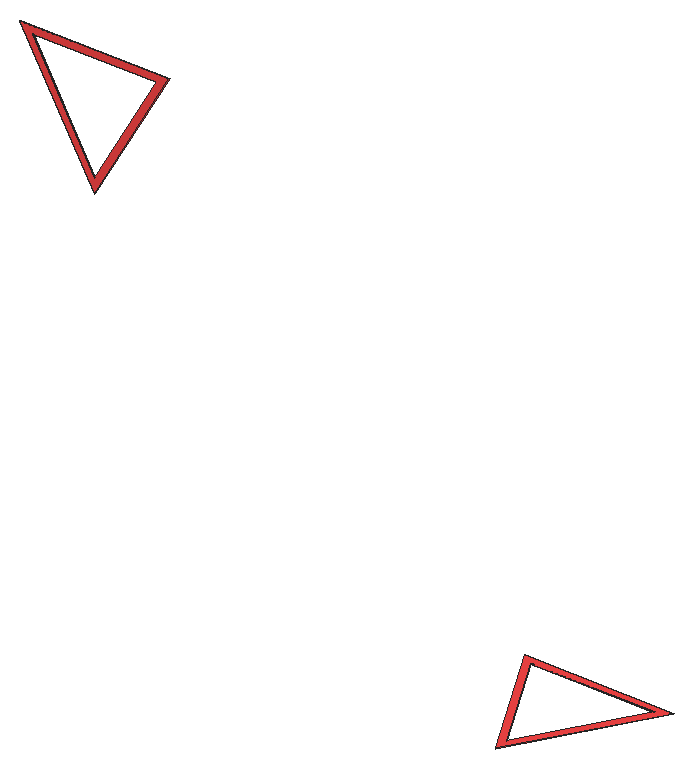
Revit family "FRW_Shared", category Generic Models, Revit 2026
Family settings
  Can host rebar = No
  Round Connector Dimension = Use Diameter
  Part Type = Normal
  Work Plane-Based = Yes
  Always vertical = Yes
  Cut with Voids When Loaded = No
  Maintain Annotation Orientation = No
  Shared = Yes
  Room Calculation Point = No
Parameters (values of type "FRW_Main")
  symbol_H [instance] = 1500 mm
  notes = "this is a shared family for all plot 9"
  H symbol offset [instance] = 700 mm
  Default Elevation = 1219.2 mm
Reference planes
  plane 1 "Center (Front/Back)": y = 0
  plane 2: z = 0
  plane 3 "Center (Left/Right)": x = 0
  plane 4: z = 1500
  plane 5: y = 700
Forms (mm)
  Extrusion 1, solid, not visible
    sketch origin (349.558, -482.168, 0) x (1, 0, 0) y (0, 1, 0)
      loop
        line (-392.058, 524.668) -> (-392.058, 439.668) -> (-307.058, 439.668) -> (-307.058, 524.668) -> (-392.058, 524.668)
    from 0 to 4500
Dimensions and locks
  "H symbol offset": plane 1 "Center (Front/Back)" to plane 5
  "symbol_H": plane 2 to plane 4
  plane 2 to nested 5 = 500 mm
  aligned and locked: plane 2 to level
  aligned and locked: plane 3 "Center (Left/Right)" to nested 1
  aligned and locked: plane 3 "Center (Left/Right)" to nested 2
  aligned and locked: plane 3 "Center (Left/Right)" to nested 3
  aligned and locked: nested 3 to plane 4
  aligned and locked: nested 4 to plane 4
  aligned and locked: plane 3 "Center (Left/Right)" to nested 4
  aligned and locked: plane 3 "Center (Left/Right)" to nested 5
  aligned and locked: nested 5 to plane 5
  aligned and locked: nested 6 to plane 5
  aligned and locked: plane 3 "Center (Left/Right)" to nested 6
Automatic sketch dimensions
  Extrusion 1 sketch curve to plane 3 "Center (Left/Right)" = 42.5 mm
  plane 3 "Center (Left/Right)" to Extrusion 1 sketch curve = 42.5 mm
  plane 1 "Center (Front/Back)" to Extrusion 1 sketch curve = 42.5 mm
  Extrusion 1 sketch curve to plane 1 "Center (Front/Back)" = 42.5 mm
Nested families
  nested 1: "FRW_Symbol_COARSE" at (0, 1037.113, 0), type "DD", not visible, detail levels medium
  nested 2: "FRW_Symbol_FINE" at (0, 901.794, 0), type "DD", not visible, detail levels fine
  nested 3: "FRW_SHAPE COARSE_V" at (0, 0, 1500) x (1, 0, 0) z (0, -1, 0), type "DD", detail levels coarse+medium
  nested 4: "FRW_SHAPE FINE_V" at (0, 0, 1500) x (1, 0, 0) z (0, -1, 0), type "DD", detail levels fine
  nested 5: "FRW_SHAPE COARSE_H" at (0, 700, 500), type "DD", detail levels coarse+medium
  nested 6: "FRW_SHAPE FINE_H" at (0, 700, 500), type "DD", detail levels fine
Definition of nested family "FRW_SHAPE COARSE_V"
  Parameters (values of type "DD")
    Default Elevation = 1219.2 mm
  Reference planes
    plane 1 "Center (Front/Back)": y = 0
    plane 2: z = 0
    plane 3 "Center (Left/Right)": x = 0
  Forms (mm)
    Extrusion 1, solid
      sketch origin (0, 520, 0) x (1, 0, 0) y (0, 1, 0)
        loop
          line (259, -71.399) -> (-259, -71.399) -> (0, -520) -> (259, -71.399)
        loop
          line (181.058, -116.399) -> (-181.058, -116.399) -> (0, -430) -> (181.058, -116.399)
      from -1 to 0
  Dimensions and locks
    aligned and locked: plane 2 to level
Definition of nested family "FRW_SHAPE FINE_V"
  Parameters (values of type "DD")
    Default Elevation = 1219.2 mm
  Reference planes
    plane 1 "Center (Front/Back)": y = 0
    plane 2: z = 0
    plane 3 "Center (Left/Right)": x = 0
  Forms (mm)
    Extrusion 1, solid
      sketch origin (0, 0, 0) x (1, 0, 0) y (0, 1, 0)
        loop
          line (0, 0) -> (104, 180.133) -> (-104, 180.133) -> (0, 0)
        loop
          line (-86.679, 170.133) -> (0, 20) -> (86.679, 170.133) -> (-86.679, 170.133)
      from -1 to 0
  Dimensions and locks
    aligned and locked: plane 2 to level
Definition of nested family "FRW_SHAPE COARSE_H"
  Parameters (values of type "DD")
    Default Elevation = 1219.2 mm
  Reference planes
    plane 1 "Center (Front/Back)": y = 0
    plane 2: z = 0
    plane 3 "Center (Left/Right)": x = 0
  Forms (mm)
    Extrusion 1, solid
      sketch origin (0, 520, 0) x (1, 0, 0) y (0, 1, 0)
        loop
          line (259, -71.399) -> (-259, -71.399) -> (0, -520) -> (259, -71.399)
        loop
          line (-181.058, -116.399) -> (0, -430) -> (181.058, -116.399) -> (-181.058, -116.399)
      from -1 to 0
  Dimensions and locks
    aligned and locked: plane 2 to level
Definition of nested family "FRW_SHAPE FINE_H"
  Parameters (values of type "DD")
    Default Elevation = 1219.2 mm
  Reference planes
    plane 1 "Center (Front/Back)": y = 0
    plane 2: z = 0
    plane 3 "Center (Left/Right)": x = 0
  Forms (mm)
    Extrusion 1, solid
      sketch origin (0, 0, 0) x (1, 0, 0) y (0, 1, 0)
        loop
          line (0, 0) -> (104, 180.133) -> (-104, 180.133) -> (0, 0)
        loop
          line (86.679, 170.133) -> (-86.679, 170.133) -> (0, 20) -> (86.679, 170.133)
      from -1 to 0
  Dimensions and locks
    aligned and locked: plane 2 to level
Definition of nested family "FRW_Symbol_COARSE"
  Reference planes
    plane 1: y = 0
    plane 2: x = 0
  Lines and regions (mm)
    Filled region 1, type "FRW"
      outline origin (0, 0, 0) x (1, 0, 0) y (0, 1, 0)
        loop
          line (-1.732, 3) -> (0, 0) -> (1.732, 3) -> (-1.732, 3)
        loop
          line (1.212, 2.7) -> (-1.212, 2.7) -> (0, 0.6) -> (1.212, 2.7)
Definition of nested family "FRW_Symbol_FINE"
  Reference planes
    plane 1: y = 0
    plane 2: x = 0
  Lines and regions (mm)
    Filled region 1, type "FRW"
      outline origin (0, 6, 0) x (1, 0, 0) y (0, 1, 0)
        loop
          line (-5.196, 3) -> (0, -6) -> (5.196, 3) -> (-5.196, 3)
        loop
          line (4.33, 2.5) -> (-4.33, 2.5) -> (0, -5) -> (4.33, 2.5)
